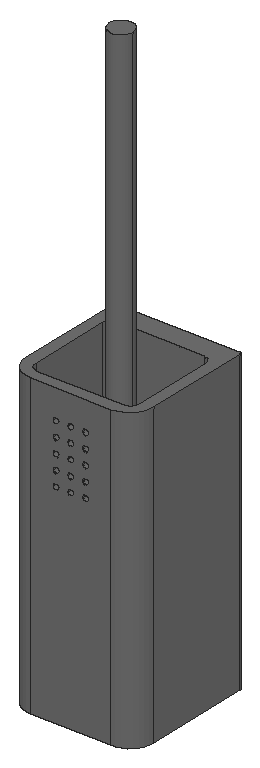
Revit family "PROOX Toilet brush holder EN", category Furniture, Revit 2014
Parameters (values of type "ONE dark passion")
  URL = "http://www.proox.com/"
  Type Comments = "ONE dark passion"
  Product webpage [instance] = "http://www.proox.com/EN/toilet-brush-holder-black/"
  Product data sheet = "http://www.proox.com/fileadmin/dam/Download/Produktdatenbl%C3%A4tter/english/Productspecification_DP-500.pdf"
  Model = "DP-500"
  Material = PROOX Aluminum, black anodised
  Manufacturer = "PROOX Ltd."  # constant formula
  Keynote = ""
  EAN-No. = "9120050350250"
  Description = "toilet brush holder PROOX ONE dark passion made from aluminum black anodized"
  Cost = 152
  BIM objects producer = "www.BIMtelligent.eu"  # constant formula
  Specification = "Toilet brush holder made out from glass pearl blasted and black anodised aluminum. Cover 3 mm thickness, closed all around. Intended for wall mounting. Perforated designed area with 4mm drillings. Including plastic bin for easy cleaning. Brush handle made out of stainless steel. Brush head stays in dry area. Including stainless steel screws and anchors."
Types (3, lengths in mm): name | Type Comments | Product webpage | Product data sheet | Model | Material | EAN-No. | Description | Cost | Specification
  (no name) | "ONE dark passion" | "http://www.proox.com/EN/toilet-brush-holder-black/" | "http://www.proox.com/fileadmin/dam/Download/Produktdatenbl%C3%A4tter/english/Productspecification_DP-500.pdf" | "DP-500" | PROOX Aluminum, black anodised | "9120050350250" | "toilet brush holder PROOX ONE dark passion made from aluminum black anodized" | 152 | "Toilet brush holder made out from glass pearl blasted and black anodised aluminum. Cover 3 mm thickness, closed all around. Intended for wall mounting. Perforated designed area with 4mm drillings. Including plastic bin for easy cleaning. Brush handle made out of stainless steel. Brush head stays in dry area. Including stainless steel screws and anchors."
  ONE pure | "ONE pure" | "http://www.proox.com/EN/toilet-brush-holder-stainless-steel/" | "http://www.proox.com/fileadmin/dam/Download/Produktdatenbl%C3%A4tter/english/Productspecification_PU-500.pdf" | "PU-500" | PROOX Stainless steel, brushed | "9120050350137" | "toilet brush holder PROOX ONE pure made from stainless steel" | 136 | "Toilet brush holder made out of stainless steel. Surface with fine brushed structure. Cover 1.5 mm thickness, closed all around. Intended for wall mounting. Perforated designed area with 4mm drillings. Including plastic bin for easy cleaning. Brush handle made out of stainless steel. Brush head stays in dry area. Including stainless steel screws and anchors."
  ONE dark passion | "ONE dark passion" | "http://www.proox.com/EN/toilet-brush-holder-black/" | "http://www.proox.com/fileadmin/dam/Download/Produktdatenbl%C3%A4tter/english/Productspecification_DP-500.pdf" | "DP-500" | PROOX Aluminum, black anodised | "9120050350250" | "toilet brush holder PROOX ONE dark passion made from aluminum black anodized" | 152 | "Toilet brush holder made out from glass pearl blasted and black anodised aluminum. Cover 3 mm thickness, closed all around. Intended for wall mounting. Perforated designed area with 4mm drillings. Including plastic bin for easy cleaning. Brush handle made out of stainless steel. Brush head stays in dry area. Including stainless steel screws and anchors."
Reference planes
  plane 1 "Center (Front/Back)": y = 0
  plane 2: z = 0
  plane 3 "Center (Left/Right)": x = 0
Forms (mm)
  Extrusion 1, solid, material "PROOX Aluminum, black anodised" <- "Material", detail levels coarse+medium
    sketch origin (74.021, 0, 0) x (1, 0, 0) y (0, 1, 0)
      loop
        line (-117.021, 0) -> (-117.021, -90.5) -> (-31.021, -90.5) -> (-31.021, 0) -> (-117.021, 0)
    from 0 to 203
  Extrusion 2, solid, material "PROOX Aluminum, black anodised" <- "Material", detail levels fine
    sketch origin (0, 0, 0) x (1, 0, 0) y (0, 1, 0)
      loop
        arc (-41, 0) -> (-42.414, -0.586) -> (-43, -2) r 2
        line (-43, -2) -> (-43, -74.5)
        arc (-43, -74.5) -> (-38.314, -85.814) -> (-27, -90.5) r 16
        line (-27, -90.5) -> (27, -90.5)
        arc (27, -90.5) -> (38.314, -85.814) -> (43, -74.5) r 16
        line (43, -74.5) -> (43, -2)
        arc (43, -2) -> (42.414, -0.586) -> (41, 0) r 2
        line (41, 0) -> (-41, 0)
    from 0 to 203
  Extrusion 3, solid, material "PROOX Aluminum, black anodised" <- "Material", detail levels medium+fine
    sketch origin (0, 0, 0) x (1, 0, 0) y (0, 1, 0)
      loop
        circle (0, -48.5) r 8
    from 100 to 406
  Extrusion 4, void
    sketch origin (0, 0, 0) x (1, 0, 0) y (0, 1, 0)
      loop
        arc (-29, -15) -> (-33.243, -16.757) -> (-35, -21) r 6
        line (-35, -21) -> (-35, -77)
        arc (-35, -77) -> (-33.243, -81.243) -> (-29, -83) r 6
        line (-29, -83) -> (29, -83)
        arc (29, -83) -> (33.243, -81.243) -> (35, -77) r 6
        line (35, -77) -> (35, -21)
        arc (35, -21) -> (33.243, -16.757) -> (29, -15) r 6
        line (29, -15) -> (-29, -15)
    from 8 to 203
  Extrusion 5, void
    sketch origin (0, 0, 0) x (1, 0, 0) y (0, 0, 1)
      loop
        circle (0, 183.2) r 2
      loop
        circle (-10, 183.2) r 2
      loop
        circle (10, 183.2) r 2
      loop
        circle (0, 173.2) r 2
      loop
        circle (-10, 173.2) r 2
      loop
        circle (10, 173.2) r 2
      loop
        circle (0, 163.2) r 2
      loop
        circle (-10, 163.2) r 2
      loop
        circle (10, 163.2) r 2
      loop
        circle (0, 153.2) r 2
      loop
        circle (-10, 153.2) r 2
      loop
        circle (10, 153.2) r 2
      loop
        circle (0, 143.2) r 2
      loop
        circle (-10, 143.2) r 2
      loop
        circle (10, 143.2) r 2
    from 83 to 90.5
Cuts and joins
  Extrusion 4, Extrusion 5 cuts Extrusion 2
Dimensions and locks
  aligned and locked: level to plane 2
  aligned and locked: Extrusion 5 to cut or joined group of Extrusion 2, Extrusion 4, Extrusion 5
  aligned and locked: cut or joined group of Extrusion 2, Extrusion 4, Extrusion 5 to Extrusion 5
  aligned and locked: cut or joined group of Extrusion 2, Extrusion 4, Extrusion 5 to plane 2
